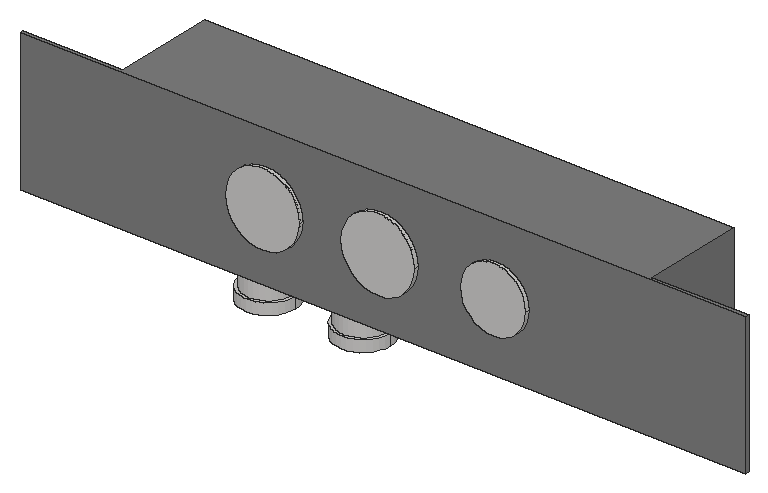
Revit family "5400VA4", category Generic Models, Revit 2021
Family settings
  Can host rebar = No
  Round Connector Dimension = Use Diameter
  Part Type = Normal
  Work Plane-Based = No
  Always vertical = Yes
  Cut with Voids When Loaded = No
  Shared = No
  Room Calculation Point = No
Parameters (values of type "Standard")
  e-mail = "info@vola.com"
  URL = "http://vola.com"
  Telephone = "+45 7023 5500"
  Quality management standard = "ISO 9001"
  Organisation no. / DUNS no. = "17531328"
  Occupational health and safety management standard = "ISO 18001"
  Mounting Instructions = "http://vola.com/service/producturl.ashx?name=5400V"
  Model = "5400VA4"
  Materials and components information = "http://vola.com/service/producturl.ashx?name=5400V"
  Manufacturer = "VOLA A/S"
  Maintenance Instructions = "http://vola.com/service/producturl.ashx?name=5400V"
  Guarantee = "2 years"
  Flow = "43,00 l/min"
  Environmental management standard = "ISO 14000"
  Default Elevation = 0.00 mm
  Connection - All relevant connections = ""
  Approvals = "http://vola.com/service/producturl.ashx?name=5400V"
Reference planes
  plane 1 "Center (Front/Back)": y = 0
  plane 2: z = 0
  plane 3 "Center (Left/Right)": x = 0
  plane 4 "Inlet Center Plane": y = -29
  plane 5: z = 85
Forms (mm)
  Extrusion 1, solid, material "Default"
    sketch origin (10, 0, 16) x (1, 0, 0) y (0, 1, 0)
      loop
        line (-147.5, 0) -> (-147.5, -69) -> (210.5, -69) -> (210.5, 0) -> (-147.5, 0)
    from 21.5 to 116.5
  Extrusion 2, solid, material "Default"
    sketch origin (10, -1, 16) x (1, 0, 0) y (0, 1, 0)
      loop
        line (-215, -68) -> (-215, -70.5) -> (275.5, -70.5) -> (275.5, -68) -> (-215, -68)
    from 21.5 to 116.5
  Extrusion 3, solid, material "Stainless Steel"
    sketch origin (-59, -4, 37.5) x (0, 1, 0) y (1, 0, 0)
      loop
        circle (-25, -12) r 16.5
    from 0 to 29.77
  Extrusion 4, solid, material "Stainless Steel"
    sketch origin (5, -4, 37.5) x (0, 1, 0) y (1, 0, 0)
      loop
        circle (-25, -12) r 16.5
    from 0 to 29.77
  Extrusion 5, solid, material "Stainless Steel"
    sketch origin (-51.5, -71.5, 16) x (-1, 0, 0) y (0, 0, -1)
      loop
        circle (-12.5, -69) r 24.89
    from 0 to 2.5
  Extrusion 6, solid, material "Stainless Steel"
    sketch origin (26.5, -71.5, 16) x (-1, 0, 0) y (0, 0, -1)
      loop
        circle (-12.5, -69) r 24.89
    from 0 to 2.5
  Extrusion 7, solid, material "Stainless Steel"
    sketch origin (65.5, -71.5, 16) x (-1, 0, 0) y (0, 0, -1)
      loop
        circle (-51.5, -69) r 22
    from 0 to 2.5
  Extrusion 8, solid, material "Stainless Steel"
    sketch origin (-59, -4, 7.73) x (-1, 0, 0) y (0, 1, 0)
      loop
        circle (12, -25) r 18.5
    from 0 to 7.73
  Extrusion 9, solid, material "Stainless Steel"
    sketch origin (5, -4, 7.73) x (-1, 0, 0) y (0, 1, 0)
      loop
        circle (12, -25) r 18.5
    from 0 to 7.73
Cuts and joins
  joined: Extrusion 1, Extrusion 2
Lines and regions (mm)
  reference lines
    curve 1: line (117, -29, 85) -> (117, -121.5, 85)
    curve 2: line (39, -29, 85) -> (39, -121.5, 85)
    curve 3: line (-39, -29, 85) -> (-39, -121.5, 85)
    curve 4: line (-7, -29, 85) -> (-7, -29, -50)
    curve 5: line (-71, -29, 85) -> (-71, -29, -50)
    curve 6: line (117, -35.26, 182.5) -> (117, -35.26, -12.5)
Dimensions and locks
  aligned and locked: plane 2 to level
  aligned and locked: Extrusion 1 to Extrusion 2
  aligned and locked: Extrusion 2 to Extrusion 1
